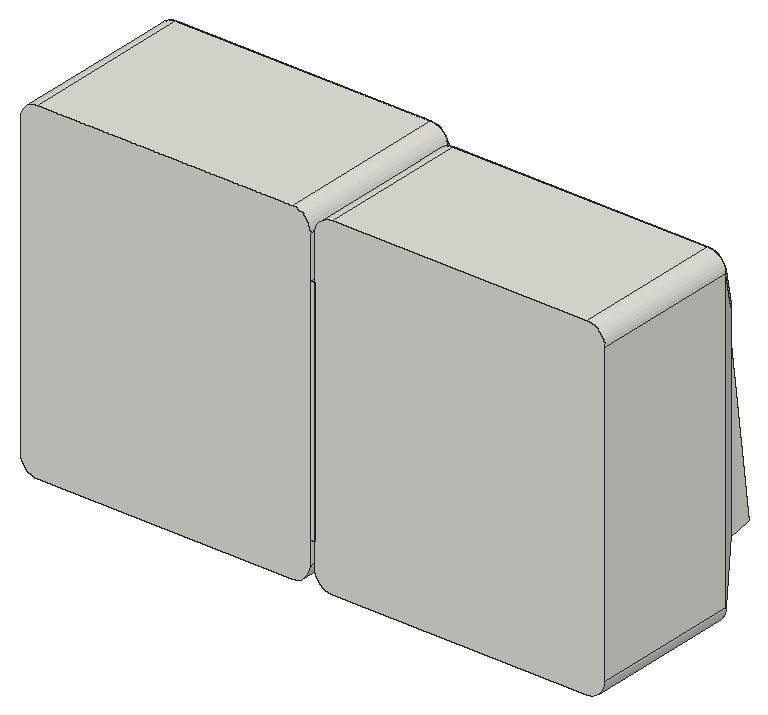
Revit family "IEK_Блок_ОУ_Выключ_2кл_и_роз_1мст_16А_IP54_ГЕРМЕС_PLUS", category Электрические приборы, Revit 2019
Family settings
  Сохранять ориентацию аннотаций = Да
  Размер круглого соединителя = Использовать диаметр
  Тип детали = Нормальный
  На основе рабочей плоскости = Нет
  Всегда вертикально = Да
  При загрузке вырезать с полостями = Нет
  Общий = Нет
  Точка расчета площади = Нет
Parameters (values of type "БГб-22-31-ГПБд")
  Ширина = 147 mm  # constant formula
  Тип монтажа = "Поверхность монтажа (открытая установка)"  # constant formula
  Степень защиты = "IP54"  # constant formula
  Описание = "Изделия серии \"ГЕРМЕС PLUS\" используются в помещениях с повышенной влажностью или запыленностью, а также под навесом на открытом воздухе."
  Материал крышки = Цвет дымчатый
  Изготовитель = "IEK"  # constant formula
  Диаметр_Короб [instance] = 16 mm
  Глубина = 52 mm  # constant formula
  Высота = 72 mm  # constant formula
  ΔХ [instance] = 2000 mm
  ΔY [instance] = 2000 mm
  URL = "https://www.iek.ru/"
  ADSK_Ток [instance] = 16 A
  ADSK_Примечание = ""
  ADSK_Полная мощность [instance] = ADSK_Номинальная мощность / ADSK_Коэффициент мощности  # 3520 VA
  ADSK_Позиция [instance] = ""
  ADSK_Номинальная мощность [instance] = ADSK_Ток * ADSK_Напряжение * sqrt(ADSK_Количество фаз числовое) * ADSK_Коэффициент мощности  # 3520 W
  ADSK_Напряжение = 220 V
  ADSK_Наименование краткое = "БГб-22-31-ГПБд"
  ADSK_Наименование = "Блок горизонтальный для открытой установки БГб-22-31-ГПБд (Выключатель 1-клавишный + розетка 1-местная с заземляющим контактом) IP54 ГЕРМЕС PLUS (белый/дымчатый) IEK"
  ADSK_Материал обозначение = ""
  ADSK_Материал наименование = "Пластик"  # constant formula
  ADSK_Материал = Цвет белый
  ADSK_Масса = 0.22
  ADSK_Марка = "ГЕРМЕС PLUS"  # constant formula
  ADSK_Коэффициент мощности [instance] = 1  # constant formula
  ADSK_Количество фаз числовое = 1
  ADSK_Количество фаз = 1
  ADSK_Код изделия = "EBGMP20-K03-31-54-EC"
  ADSK_Классификация нагрузок [instance] = Прочее
  ADSK_Завод-изготовитель = Изготовитель  # "IEK"
  ADSK_Единица измерения = "шт."  # constant formula
  ADSK_Группирование = "Электроустановочные изделия низковольтные"  # constant formula
  ADSK_Версия семейства = "01.10.25"  # constant formula
  ADSK_Версия Revit = "v2019"  # constant formula
  ADSK_URL страницы изделия = "https://qr.iek.group/EBGMP20-K03-31-54-EC"
Reference planes
  plane 1 "По центру (Вперед/Назад)": y = 0
  plane 2: z = 0
  plane 3 "По центру (Влево/Вправо)": x = 0
  plane 4 "Высота ножек": z = 280
  plane 5 "Высота": z = 2081.496
  plane 6: x = -2000
  plane 7: y = 2000
Forms (mm)
  Extrusion 1, solid, detail levels coarse
    sketch origin (0, 0, 0) x (1, 0, 0) y (0, 1, 0)
      loop
        line (-65.5, 0) -> (65.5, 0) -> (65.5, 52) -> (-65.5, 52) -> (-65.5, 0)
    from 0 to 75
  Extrusion 2, solid, detail levels medium
    sketch origin (0, 0, 0) x (1, 0, 0) y (0, 1, 0)
      loop
        line (-65.5, 52) -> (-65.5, 0) -> (65.5, 0) -> (65.5, 52) -> (-65.5, 52)
    from 0 to 75
  Blend 3, solid, material "Цвет белый" <- "ADSK_Материал", detail levels fine
    base sketch origin (-33, 0, 37.5) x (-1, 0, 0) y (0, 0, 1)
      loop
        line (-32.5, 33.5) -> (-32.5, -33.5)
        arc (-32.5, -33.5) -> (-31.328, -36.328) -> (-28.5, -37.5) r 4
        line (-28.5, -37.5) -> (28.5, -37.5)
        arc (28.5, -37.5) -> (31.328, -36.328) -> (32.5, -33.5) r 4
        line (32.5, -33.5) -> (32.5, 33.5)
        arc (32.5, 33.5) -> (31.328, 36.328) -> (28.5, 37.5) r 4
        line (28.5, 37.5) -> (-28.5, 37.5)
        arc (-28.5, 37.5) -> (-31.328, 36.328) -> (-32.5, 33.5) r 4
    top sketch origin (-33, 0, 37.5) x (-1, 0, 0) y (0, 0, 1)
      loop
        line (-30.1, 23.034) -> (-30.1, -24.041)
        arc (-30.1, -24.041) -> (-29.819, -24.719) -> (-29.141, -25) r 0.959
        line (-29.141, -25) -> (29.141, -25)
        arc (29.141, -25) -> (29.819, -24.719) -> (30.1, -24.041) r 0.959
        line (30.1, -24.041) -> (30.1, 23.034)
        arc (30.1, 23.034) -> (29.819, 23.712) -> (29.141, 23.993) r 0.959
        line (29.141, 23.993) -> (-29.141, 23.993)
        arc (-29.141, 23.993) -> (-29.819, 23.712) -> (-30.1, 23.034) r 0.959
    from 38.682 to 46.099
  Extrusion 4, solid, material "Цвет белый" <- "ADSK_Материал", detail levels fine
    sketch origin (-33, 0, 37.5) x (-1, 0, 0) y (0, 0, 1)
      loop
        line (-32.5, 33.5) -> (-32.5, -33.45)
        arc (-32.5, -33.45) -> (-31.314, -36.314) -> (-28.45, -37.5) r 4.05
        line (-28.45, -37.5) -> (28.5, -37.5)
        arc (28.5, -37.5) -> (31.328, -36.328) -> (32.5, -33.5) r 4
        line (32.5, -33.5) -> (32.5, 33.5)
        arc (32.5, 33.5) -> (31.328, 36.328) -> (28.5, 37.5) r 4
        line (28.5, 37.5) -> (-28.5, 37.5)
        arc (-28.5, 37.5) -> (-31.328, 36.328) -> (-32.5, 33.5) r 4
    from 0 to 38.682
  Extrusion 5, void
    sketch origin (-33.025, 0, 37.5) x (-1, 0, 0) y (0, 0, 1)
      loop
        arc (-16.762, -9.964) -> (-0.012, -19.5) -> (16.75, -9.984) r 19.5
        line (16.75, -9.984) -> (16.75, -2.25) -> (19.37, -2.25)
        arc (19.37, -2.25) -> (19.5, 0) -> (19.37, 2.25) r 19.5
        line (19.37, 2.25) -> (16.75, 2.25) -> (16.75, 9.984)
        arc (16.75, 9.984) -> (0, 19.5) -> (-16.75, 9.984) r 19.5
        line (-16.75, 9.984) -> (-16.75, 2.25) -> (-19.37, 2.25)
        arc (-19.37, 2.25) -> (-19.5, 0) -> (-19.37, -2.25) r 19.5
        line (-19.37, -2.25) -> (-16.75, -2.25) -> (-16.762, -9.964)
    from 26.4 to 46.099
  Extrusion 6, void
    sketch origin (-33.025, 0, 37.5) x (-1, 0, 0) y (0, 0, 1)
      loop
        circle (-9.525, 0) r 2.758
      loop
        circle (9.525, 0) r 2.758
    from 26.4 to 5.7
  Extrusion 7, void
    sketch origin (-33, 0, 35.959) x (-1, 0, 0) y (0, 0, 1)
      loop
        arc (-28.5, -24.189) -> (-27.914, -25.603) -> (-26.5, -26.189) r 2
        line (-26.5, -26.189) -> (26.5, -26.189)
        arc (26.5, -26.189) -> (27.914, -25.603) -> (28.5, -24.189) r 2
        line (28.5, -24.189) -> (28.5, 37.041)
        arc (28.5, 37.041) -> (27.914, 38.456) -> (26.5, 39.041) r 2
        line (26.5, 39.041) -> (-26.5, 39.041)
        arc (-26.5, 39.041) -> (-27.914, 38.456) -> (-28.5, 37.041) r 2
        line (-28.5, 37.041) -> (-28.5, -24.189)
      loop
        line (5, 26.541) -> (-5, 26.541) -> (-15.069, 16.168)
        arc (-15.069, 16.168) -> (-21, 1.541) -> (-15.069, -13.085) r 21
        line (-15.069, -13.085) -> (-5, -23.459) -> (5, -23.459) -> (15.069, -13.085)
        arc (15.069, -13.085) -> (21, 1.541) -> (15.069, 16.168) r 21
        line (15.069, 16.168) -> (5, 26.541)
    from 38.682 to 46.099
  Extrusion 8, void
    sketch origin (-33, 0, 37.5) x (-1, 0, 0) y (0, 0, 1)
      loop
        line (-22.764, -27) -> (-14.278, -27)
        arc (-14.278, -27) -> (0, -32.5) -> (14.278, -27) r 21.282
        line (14.278, -27) -> (22.764, -27) -> (22.764, 26.4) -> (-22.764, 26.4) -> (-22.764, -27)
    from 43.6 to 46.099
  Extrusion 9, solid, material "Цвет дымчатый" <- "Материал крышки", detail levels fine
    sketch origin (-33, 0, 37.5) x (0, 0, 1) y (0, 1, 0)
      loop
        line (23.993, 46.099) -> (-27, 46.099) -> (-27, 45.121) -> (23.993, 45.121) -> (35.72, 38.682) -> (37.5, 38.682) -> (23.993, 46.099)
    from -28 to 28
  Extrusion 10, solid, material "Цвет дымчатый" <- "Материал крышки", detail levels fine
    sketch origin (-33, 0, 37.5) x (-1, 0, 0) y (0, 0, 1)
      loop
        arc (-14.278, -27) -> (0, -32.5) -> (14.278, -27) r 21.282
        line (14.278, -27) -> (-14.278, -27)
    from 45.121 to 46.099
  Extrusion 11, solid, material "Цвет белый" <- "ADSK_Материал", detail levels fine
    sketch origin (0, 0, 37.5) x (-1, 0, 0) y (0, 0, 1)
      loop
        line (-0.5, 23.775) -> (-0.5, -28.284) -> (0.5, -28.284) -> (0.5, 23.775) -> (-0.5, 23.775)
    from 0 to 15
  Extrusion 12, solid, material "Цвет белый" <- "ADSK_Материал", detail levels fine
    sketch origin (33, 0, 37.5) x (-1, 0, 0) y (0, 0, 1)
      loop
        line (-32.5, 33.5) -> (-32.5, -33.5)
        arc (-32.5, -33.5) -> (-31.328, -36.328) -> (-28.5, -37.5) r 4
        line (-28.5, -37.5) -> (28.5, -37.5)
        arc (28.5, -37.5) -> (31.328, -36.328) -> (32.5, -33.5) r 4
        line (32.5, -33.5) -> (32.5, 33.5)
        arc (32.5, 33.5) -> (31.328, 36.328) -> (28.5, 37.5) r 4
        line (28.5, 37.5) -> (-28.5, 37.5)
        arc (-28.5, 37.5) -> (-31.328, 36.328) -> (-32.5, 33.5) r 4
    from 0 to 33.882
  Blend 13, solid, material "Цвет белый" <- "ADSK_Материал", detail levels fine
    base sketch origin (33, 0, 37.5) x (-1, 0, 0) y (0, 0, 1)
      loop
        line (-32.5, 33.5) -> (-32.5, -33.5)
        arc (-32.5, -33.5) -> (-31.328, -36.328) -> (-28.5, -37.5) r 4
        line (-28.5, -37.5) -> (28.5, -37.5)
        arc (28.5, -37.5) -> (31.328, -36.328) -> (32.5, -33.5) r 4
        line (32.5, -33.5) -> (32.5, 33.5)
        arc (32.5, 33.5) -> (31.328, 36.328) -> (28.5, 37.5) r 4
        line (28.5, 37.5) -> (-28.5, 37.5)
        arc (-28.5, 37.5) -> (-31.328, 36.328) -> (-32.5, 33.5) r 4
    top sketch origin (33, 0, 37.5) x (-1, 0, 0) y (0, 0, 1)
      loop
        line (-28.842, 22.891) -> (-28.842, -22.891)
        arc (-28.842, -22.891) -> (-27.846, -25.295) -> (-25.442, -26.291) r 3.4
        line (-25.442, -26.291) -> (25.445, -26.291)
        arc (25.445, -26.291) -> (27.849, -25.295) -> (28.845, -22.891) r 3.4
        line (28.845, -22.891) -> (28.845, 22.891)
        arc (28.845, 22.891) -> (27.849, 25.295) -> (25.445, 26.291) r 3.4
        line (25.445, 26.291) -> (-25.442, 26.291)
        arc (-25.442, 26.291) -> (-27.846, 25.295) -> (-28.842, 22.891) r 3.4
    from 33.882 to 40
  Extrusion 14, solid, material "Цвет белый" <- "ADSK_Материал", detail levels fine
    sketch origin (33, 8.344, 36.232) x (0, 0, 1) y (0, 1, 0)
      loop
        line (-23.871, 30.5) -> (26.135, 30.5) -> (26.135, 31.933)
        arc (26.135, 31.933) -> (2.154, 36.271) -> (-22.146, 38.121) r 236.751
        line (-22.146, 38.121) -> (-23.871, 30.5)
    from -27.5 to 27.5
  Extrusion 15, void
    sketch origin (0, 0, 37.5) x (-1, 0, 0) y (0, 0, 1)
      loop
        line (-61.342, 22.891) -> (-61.342, -22.891)
        arc (-61.342, -22.891) -> (-60.493, -24.942) -> (-58.442, -25.791) r 2.9
        line (-58.442, -25.791) -> (-7.555, -25.791)
        arc (-7.555, -25.791) -> (-5.504, -24.942) -> (-4.655, -22.891) r 2.9
        line (-4.655, -22.891) -> (-4.655, 22.891)
        arc (-4.655, 22.891) -> (-5.504, 24.942) -> (-7.555, 25.791) r 2.9
        line (-7.555, 25.791) -> (-58.442, 25.791)
        arc (-58.442, 25.791) -> (-60.493, 24.942) -> (-61.342, 22.891) r 2.9
    from 38.844 to 40
Cuts and joins
  Extrusion 15 cuts Blend 13
  Extrusion 5, Extrusion 6, Extrusion 7 cuts Extrusion 4
  Extrusion 5, Extrusion 6, Extrusion 7, Extrusion 8 cuts Blend 3
Lines and regions (mm)
  reference lines
    curve 1: line (0, 44.647, 0) -> (0, -55.353, 0)
    curve 2: line (-23.829, 0, 0) -> (76.171, 0, 0)
Dimensions and locks
  locked: plane 4 "Высота ножек" to plane 2 at 280
  plane 5 "Высота" to plane 4 "Высота ножек" = 1801.496 mm
  "ΔХ": plane 6 to curve 1
  "ΔY": plane 7 to curve 2
  aligned and locked: level to plane 2
  aligned and locked: curve 2 to nested 1
  aligned and locked: nested 1 to curve 1
Automatic sketch dimensions
  plane 1 "По центру (Вперед/Назад)" to Extrusion 1 sketch curve = 0 mm
  Extrusion 1 sketch curve to plane 3 "По центру (Влево/Вправо)" = 65.5 mm
  plane 3 "По центру (Влево/Вправо)" to Extrusion 1 sketch curve = 65.5 mm
  Extrusion 1 sketch curve to Extrusion 1 sketch curve = 52 mm
  Blend 3 sketch curve to level = 0 mm
  Blend 3 sketch curve to plane 3 "По центру (Влево/Вправо)" = 0.5 mm
  Blend 3 sketch curve to Blend 3 sketch curve = 4 mm  (x3)
  Blend 3 sketch curve to Blend 3 sketch curve = 57 mm  (x2)
  Blend 3 sketch curve to Blend 3 sketch curve = 67 mm
  Blend 3 sketch curve to plane 3 "По центру (Влево/Вправо)" = 2.9 mm
  Blend 3 sketch curve to Blend 3 sketch curve = 0.959 mm  (x3)
  level to Blend 3 sketch curve = 12.5 mm
  Blend 3 sketch curve to Blend 3 sketch curve = 58.283 mm
  Blend 3 sketch curve to Blend 3 sketch curve = 0 mm
  Blend 3 sketch curve to Blend 3 sketch curve = 47.076 mm
  Extrusion 4 sketch curve to level = 0 mm
  Extrusion 4 sketch curve to plane 3 "По центру (Влево/Вправо)" = 0.5 mm
  Extrusion 4 sketch curve to Extrusion 4 sketch curve = 4 mm  (x2)
  Extrusion 4 sketch curve to Extrusion 4 sketch curve = 4.05 mm
  Extrusion 4 sketch curve to Extrusion 4 sketch curve = 56.95 mm
  Extrusion 4 sketch curve to Extrusion 4 sketch curve = 57 mm
  Extrusion 4 sketch curve to Extrusion 4 sketch curve = 66.95 mm
  Extrusion 5 sketch curve to Extrusion 5 sketch curve = 0 mm  (x14)
  level to Extrusion 5 sketch curve = 35.25 mm  (x2)
  Extrusion 5 sketch curve to plane 3 "По центру (Влево/Вправо)" = 13.655 mm
  Extrusion 5 sketch curve to Extrusion 5 sketch curve = 2.62 mm  (x4)
  Extrusion 5 sketch curve to Extrusion 5 sketch curve = 16.75 mm  (x2)
  Extrusion 5 sketch curve to Extrusion 5 sketch curve = 7.734 mm  (x2)
  Extrusion 5 sketch curve to Extrusion 5 sketch curve = 2.25 mm
  Extrusion 5 sketch curve to Extrusion 5 sketch curve = 0.012 mm
  level to Extrusion 6 sketch curve = 37.5 mm
  Extrusion 6 sketch curve to plane 3 "По центру (Влево/Вправо)" = 23.5 mm
  Extrusion 6 sketch curve to Extrusion 6 sketch curve = 19.049 mm
  Extrusion 6 sketch curve to Extrusion 6 sketch curve = 0 mm
  Extrusion 7 sketch curve to Extrusion 7 sketch curve = 0 mm  (x2)
  level to Extrusion 7 sketch curve = 11.77 mm
  Extrusion 7 sketch curve to plane 3 "По центру (Влево/Вправо)" = 4.5 mm
  Extrusion 7 sketch curve to Extrusion 7 sketch curve = 2 mm  (x3)
  level to Extrusion 7 sketch curve = 52.126 mm  (x2)
  Extrusion 7 sketch curve to Extrusion 7 sketch curve = 11.431 mm  (x4)
  level to Extrusion 7 sketch curve = 22.874 mm  (x2)
  level to Extrusion 7 sketch curve = 62.5 mm
  Extrusion 7 sketch curve to Extrusion 7 sketch curve = 10.069 mm  (x3)
  level to Extrusion 7 sketch curve = 12.5 mm
  Extrusion 7 sketch curve to Extrusion 7 sketch curve = 15.069 mm
  Extrusion 7 sketch curve to Extrusion 7 sketch curve = 10 mm  (x2)
  Extrusion 7 sketch curve to Extrusion 7 sketch curve = 20.874 mm
  level to Extrusion 8 sketch curve = 10.5 mm  (x2)
  Extrusion 8 sketch curve to plane 3 "По центру (Влево/Вправо)" = 10.236 mm
  Extrusion 8 sketch curve to Extrusion 8 sketch curve = 8.486 mm  (x2)
  Extrusion 8 sketch curve to Extrusion 8 sketch curve = 14.278 mm
  Extrusion 8 sketch curve to Extrusion 8 sketch curve = 15.782 mm
  Extrusion 8 sketch curve to Extrusion 8 sketch curve = 37.618 mm
  level to Extrusion 9 sketch curve = 10.5 mm
  Extrusion 9 sketch curve to Extrusion 9 sketch curve = 50.993 mm
  Extrusion 9 sketch curve to Extrusion 9 sketch curve = 0 mm
  Extrusion 9 sketch curve to Extrusion 9 sketch curve = 11.727 mm
  Extrusion 9 sketch curve to Extrusion 9 sketch curve = 1.78 mm
  Extrusion 9 sketch curve to plane 1 "По центру (Вперед/Назад)" = 38.682 mm
  Extrusion 9 sketch curve to plane 1 "По центру (Вперед/Назад)" = 45.121 mm
  Extrusion 9 sketch curve to Extrusion 9 sketch curve = 0.977 mm
  level to Extrusion 10 sketch curve = 10.5 mm
  Extrusion 10 sketch curve to plane 3 "По центру (Влево/Вправо)" = 18.722 mm
  Extrusion 10 sketch curve to Extrusion 10 sketch curve = 14.278 mm
  Extrusion 10 sketch curve to Extrusion 10 sketch curve = 15.782 mm
  level to Extrusion 11 sketch curve = 9.216 mm
  plane 3 "По центру (Влево/Вправо)" to Extrusion 11 sketch curve = 0.5 mm
  Extrusion 11 sketch curve to Extrusion 11 sketch curve = 1 mm
  Extrusion 11 sketch curve to Extrusion 11 sketch curve = 52.059 mm
  Extrusion 12 sketch curve to level = 0 mm
  plane 3 "По центру (Влево/Вправо)" to Extrusion 12 sketch curve = 65.5 mm
  Extrusion 12 sketch curve to Extrusion 12 sketch curve = 4 mm  (x3)
  Extrusion 12 sketch curve to Extrusion 12 sketch curve = 57 mm  (x2)
  Extrusion 12 sketch curve to Extrusion 12 sketch curve = 67 mm
  Blend 13 sketch curve to level = 0 mm
  plane 3 "По центру (Влево/Вправо)" to Blend 13 sketch curve = 65.5 mm
  Blend 13 sketch curve to Blend 13 sketch curve = 4 mm  (x3)
  Blend 13 sketch curve to Blend 13 sketch curve = 57 mm  (x2)
  Blend 13 sketch curve to Blend 13 sketch curve = 67 mm
  plane 3 "По центру (Влево/Вправо)" to Blend 13 sketch curve = 61.842 mm
  Blend 13 sketch curve to Blend 13 sketch curve = 3.4 mm  (x3)
  level to Blend 13 sketch curve = 11.209 mm
  Blend 13 sketch curve to Blend 13 sketch curve = 50.887 mm
  Blend 13 sketch curve to Blend 13 sketch curve = 0 mm
  Blend 13 sketch curve to Blend 13 sketch curve = 45.782 mm
  level to Extrusion 14 sketch curve = 8.292 mm
  level to Extrusion 14 sketch curve = 12.361 mm
  Extrusion 14 sketch curve to Extrusion 14 sketch curve = 1.724 mm
  Extrusion 14 sketch curve to Extrusion 14 sketch curve = 48.282 mm
  plane 1 "По центру (Вперед/Назад)" to Extrusion 14 sketch curve = 190.215 mm
  Extrusion 14 sketch curve to plane 1 "По центру (Вперед/Назад)" = 38.844 mm
  Extrusion 14 sketch curve to Extrusion 14 sketch curve = 1.433 mm
  plane 3 "По центру (Влево/Вправо)" to Extrusion 15 sketch curve = 61.342 mm
  Extrusion 15 sketch curve to Extrusion 15 sketch curve = 2.9 mm  (x3)
  level to Extrusion 15 sketch curve = 11.709 mm
  Extrusion 15 sketch curve to Extrusion 15 sketch curve = 50.887 mm
  Extrusion 15 sketch curve to Extrusion 15 sketch curve = 0 mm
  Extrusion 15 sketch curve to Extrusion 15 sketch curve = 45.782 mm
  plane 1 "По центру (Вперед/Назад)" to Extrusion 2 sketch curve = 0 mm
  Extrusion 2 sketch curve to plane 3 "По центру (Влево/Вправо)" = 65.5 mm
  plane 3 "По центру (Влево/Вправо)" to Extrusion 2 sketch curve = 65.5 mm
  Extrusion 2 sketch curve to Extrusion 2 sketch curve = 52 mm
  curve 2 to plane 3 "По центру (Влево/Вправо)" = 23.829 mm
  plane 3 "По центру (Влево/Вправо)" to curve 2 = 76.171 mm
  plane 1 "По центру (Вперед/Назад)" to curve 1 = 55.353 mm
  curve 1 to plane 1 "По центру (Вперед/Назад)" = 44.647 mm
  radius of Extrusion 6 sketch curve = 2.758 mm  (x2)
Nested families
  nested 1: "УГО Розетка+выключатель" at (0, 0, 0), type "2P/2-O", detail levels coarse+medium
    with IP44 yes
Connectors
  electrical at (0, 0, 37.5), driven by "ADSK_Количество фаз", driven by "ADSK_Классификация нагрузок", driven by "ADSK_Напряжение", driven by "ADSK_Полная мощность", driven by "ADSK_Коэффициент мощности"
    settings: on Extrusion 1, index 1, voltage 220 V, apparent load 0 VA, apparent load phase1 3520 VA, apparent load phase2 0 VA, apparent load phase3 0 VA, power factor 1, load classification "Прочее", number of poles 1, system type 30, power factor state 1, is connector primary yes, connector utility no, sub classification motor no, connector description ""
  cabletrayconduit at (-33, 19.341, 75), diameter 16, driven by "Диаметр_Короб"
    settings: on cut or joined group of Extrusion 4, Extrusion 5, Extrusion 6, Extrusion 7, index 2, connector width 300 mm, connector height 300 mm, connector angle 0.00°, system type 32, placement type 0, profile type 0, connector reference index -1, is primary connector yes, connector utility param no, connector description ""
  cabletrayconduit at (33, 16.941, 75), diameter 16, driven by "Диаметр_Короб"
    settings: on Extrusion 12, index 3, connector width 300 mm, connector height 300 mm, connector angle 0.00°, system type 32, placement type 0, profile type 0, connector reference index -1, is primary connector no, connector utility param no, connector description ""
Definition of nested family "УГО Розетка+выключатель"
  Parameters (values of type "2P/2-C")
    IP44 [instance] = no
    2P/2-O = no
    2P/2-C = yes
    2P/1-O = no
    2P/1-C = yes
  Types (4, lengths in mm): name | 2P/2-O | 2P/2-C | 2P/1-O | 2P/1-C
    2P/1-O | no | no | yes | no
    2P/1-C | no | no | no | yes
    2P/2-C | no | yes | no | yes
    2P/2-O | yes | no | yes | no
  Reference planes
    plane 1: y = 0
    plane 2: x = 0
  Lines and regions (mm)
    Filled region 1, type "Цветовая область 1", visible <- "IP44"
      outline origin (0, 0, 0) x (1, 0, 0) y (0, 1, 0)
        loop
          line (-2.5, 0) -> (2.5, 0)
          arc (2.5, 0) -> (0, 2.5) -> (-2.5, 0) r 2.5
    Filled region 2, type "Цветовая область 1", visible <- "IP44", not visible
      outline origin (0, 0, 0) x (1, 0, 0) y (0, 1, 0)
        loop
          line (-2.5, 4.664) -> (2.5, 4.664)
          arc (2.5, 4.664) -> (0, 7.164) -> (-2.5, 4.664) r 2.5
    detail lines
      curve 1: line (-2.5, 0, 0) -> (2.5, 0, 0)
      curve 3: line (0, 2.5, 0) -> (0, 5, 0)
      curve 4: arc (-2.5, 0, 0) -> (0, 2.5, 0) -> (2.5, 0, 0) r 2.5
    detail lines, not visible
      curve 2: line (0, 0, 0) -> (0, 2.5, 0)
      curve 5: line (-2.5, 4.664, 0) -> (2.5, 4.664, 0)
      curve 6: line (0, 4.664, 0) -> (0, 7.164, 0)
      curve 7: line (0, 7.164, 0) -> (0, 9.664, 0)
      curve 8: arc (-2.5, 4.664, 0) -> (0, 7.164, 0) -> (2.5, 4.664, 0) r 2.5
    detail lines, visible <- "2P/2-C"
      curve 9: line (0, 0, 0) -> (0, 2.5, 0)
      curve 15: line (-2.575, 4.286, 0) -> (-1.718, 4.801, 0)
      curve 16: line (-1.288, 2.143, 0) -> (-2.575, 4.286, 0)
    detail lines, visible <- "2P/1-C"
      curve 10: line (0, 0, 0) -> (0, 2.5, 0)
      curve 29: line (2.5, 4.33, 0) -> (3.366, 3.83, 0)
      curve 30: line (1.25, 2.165, 0) -> (2.5, 4.33, 0)
      curve 31: line (2.5, 4.33, 0) -> (3.366, 3.83, 0)
      curve 32: line (1.25, 2.165, 0) -> (2.5, 4.33, 0)
    detail lines, visible <- "2P/2-C", not visible
      curve 11: line (0, 4.664, 0) -> (0, 7.164, 0)
      curve 19: line (-2.575, 8.95, 0) -> (-1.718, 9.465, 0)
      curve 20: line (-1.288, 6.807, 0) -> (-2.575, 8.95, 0)
    detail lines, visible <- "2P/1-C", not visible
      curve 12: line (0, 4.664, 0) -> (0, 7.164, 0)
      curve 33: line (2.5, 8.994, 0) -> (3.366, 8.494, 0)
      curve 34: line (1.25, 6.829, 0) -> (2.5, 8.994, 0)
      curve 35: line (2.5, 8.994, 0) -> (3.366, 8.494, 0)
      curve 36: line (1.25, 6.829, 0) -> (2.5, 8.994, 0)
    detail lines, visible <- "2P/1-O"
      curve 13: line (2.5, 4.33, 0) -> (3.366, 3.83, 0)
      curve 14: line (1.25, 2.165, 0) -> (2.5, 4.33, 0)
      curve 21: line (2.5, 4.33, 0) -> (3.366, 3.83, 0)
      curve 22: line (1.25, 2.165, 0) -> (2.5, 4.33, 0)
    detail lines, visible <- "2P/1-O", not visible
      curve 17: line (2.5, 8.994, 0) -> (3.366, 8.494, 0)
      curve 18: line (1.25, 6.829, 0) -> (2.5, 8.994, 0)
      curve 25: line (2.5, 8.994, 0) -> (3.366, 8.494, 0)
      curve 26: line (1.25, 6.829, 0) -> (2.5, 8.994, 0)
    detail lines, visible <- "2P/2-O"
      curve 23: line (-2.575, 4.286, 0) -> (-1.718, 4.801, 0)
      curve 24: line (-1.288, 2.143, 0) -> (-2.575, 4.286, 0)
    detail lines, visible <- "2P/2-O", not visible
      curve 27: line (-2.575, 8.95, 0) -> (-1.718, 9.465, 0)
      curve 28: line (-1.288, 6.807, 0) -> (-2.575, 8.95, 0)
  Dimensions and locks
    aligned and locked: Filled region 1 sketch curve to curve 4
    aligned and locked: Filled region 2 sketch curve to curve 8
